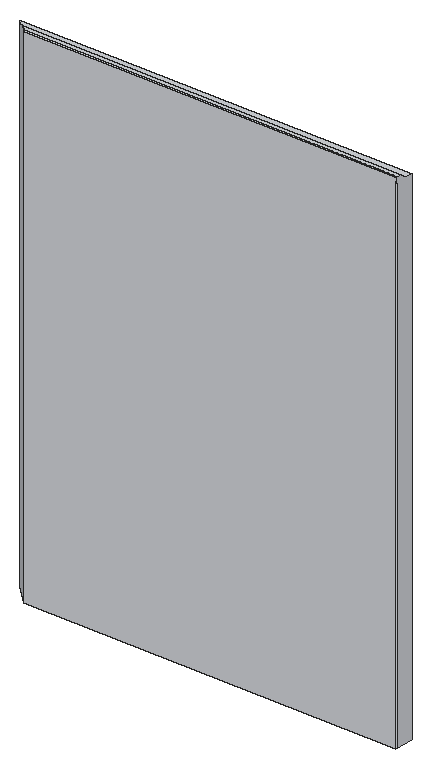
Revit family "GEN_A3-External-Facade-Bottom-Panel-W20", category Curtain Panels, Revit 2016
Family settings
  OmniClass Number = 23.25.20.14.11.11.17
  OmniClass Title = Infill Panels
  Always vertical = Yes
  Cut with Voids When Loaded = No
  Shared = No
Parameters (values of type "External Facade")
  Panel Thickness = 200 mm
  Panel 1 [instance] = Default Roof
  Fill [instance] = Poche
  Assembly Code = ""
Reference planes
  plane 1 "Center (Front/Back)": y = 0
  plane 2: z = 0
  plane 3 "Center (Left/Right)": x = 0
  plane 4 "Left": x = -2000
  plane 5 "Right": x = 2000
  plane 6 "Top": z = 5300
  plane 7 "face": y = 100
  plane 8: y = -100
  plane 9: z = 300
  plane 10: z = 3633.333
  plane 11: z = 1966.667
  plane 12: x = -2100
  plane 13: x = -2080
  plane 14 "1": y = 100
  plane 15 "2": y = 100
  plane 16 "3": y = 100
  plane 17 "4": y = 100
  plane 18 "5": y = 100
  plane 19 "6": y = 100
Forms (mm)
  Extrusion 1, void
    sketch origin (0, 0, 0) x (1, 0, 0) y (0, 1, 0)
      loop
        line (-2100, 100) -> (-2100, -100) -> (-1900, -100) -> (-2080, 80) -> (-2080, 100) -> (-2100, 100)
    from 0 to 5350
  Extrusion 2, void
    sketch origin (0, 0, 0) x (1, 0, 0) y (0, 1, 0)
      loop
        line (1990, -100) -> (2000, -100) -> (2000, -90) -> (1990, -100)
    from 0 to 5300
  Extrusion 3, solid
    sketch origin (0, 0, 0) x (0, 1, 0) y (0, 0, 1)
      loop
        line (15, 5300) -> (-45, 5350) -> (-90, 5350) -> (-100, 5340) -> (-100, 0) -> (100, 0) -> (100, 5300) -> (15, 5300)
    from -2100 to 2000
  Sweep 4, void
    path origin (0, 100, 0) x (-1, 0, 0) y (0, 0, 1)
      loop
        line (2080, 0) -> (-2000, 0) -> (-2000, 5300) -> (2080, 5300)
    profile "Resess Profile : Resess Profile" origin (-40, 100, 5300) x (0, 0, 1) y (0, 1, 0)
      loop
        line (0, -10) -> (10, 0) -> (-10, 0) -> (0, -10)
  Sweep 5, void
    path origin (0, 100, 0) x (-1, 0, 0) y (0, 0, 1)
      loop
        line (-2000, 3633.333) -> (2080, 3633.333)
    profile "Resess Profile : Resess Profile" origin (-40, 100, 3633.333) x (0, 0, 1) y (0, 1, 0)
      loop
        line (0, -10) -> (10, 0) -> (-10, 0) -> (0, -10)
  Sweep 6, void
    path origin (0, 100, -1666.667) x (-1, 0, 0) y (0, 0, 1)
      loop
        line (-2000, 3633.333) -> (2080, 3633.333)
    profile "Resess Profile : Resess Profile" origin (-40, 100, 1966.667) x (0, 0, 1) y (0, 1, 0)
      loop
        line (0, -10) -> (10, 0) -> (-10, 0) -> (0, -10)
  Sweep 7, void
    path origin (0, 100, -3333.333) x (-1, 0, 0) y (0, 0, 1)
      loop
        line (-2000, 3633.333) -> (2080, 3633.333)
    profile "Resess Profile : Resess Profile" origin (-40, 100, 300) x (0, 0, 1) y (0, 1, 0)
      loop
        line (0, -10) -> (10, 0) -> (-10, 0) -> (0, -10)
Cuts and joins
  Extrusion 1, Extrusion 2, Sweep 4, Sweep 5, Sweep 6, Sweep 7 cuts Extrusion 3
Text (mm)
  text "Exterior" at (-2351.972, 1416.179, 0), in view "Ref. Level"
  text "Exterior" at (0, 2290.741, 4406.713), in view "Left"
  text "Exterior" at (0, 1328.187, 4120.349), in view "Right"
Dimensions and locks
  equal spacing: plane 4 "Left", plane 3 "Center (Left/Right)", plane 5 "Right"
  locked: plane 1 "Center (Front/Back)" to plane 8 at 100
  "Panel Thickness": plane 7 "face" to plane 8
  plane 4 "Left" to plane 5 "Right" = 4000 mm
  plane 2 to plane 6 "Top" = 5300 mm
  plane 12 to plane 5 "Right" = 4100 mm
  locked: plane 2 to plane 9 at 300
  equal spacing: plane 9, plane 11, plane 10, plane 6 "Top"
  plane 4 "Left" to plane 3 "Center (Left/Right)" to plane 5 "Right" = 2000 mm, 2000 mm
  plane 12 to plane 13 to plane 4 "Left" = 20 mm locked, 80 mm locked
  plane 14 "1" to plane 8 = 200 mm
  plane 15 "2" to plane 8 = 200 mm
  plane 16 "3" to plane 8 = 200 mm
  plane 17 "4" to plane 8 = 200 mm
  plane 18 "5" to plane 8 = 200 mm
  plane 19 "6" to plane 8 = 200 mm
  locked: Extrusion 3 sketch curve to Extrusion 3 sketch curve at 50
  aligned and locked: level to plane 2
  aligned and locked: Extrusion 1 sketch curve to plane 7 "face"
  aligned and locked: Extrusion 1 sketch curve to plane 8
  aligned and locked: Extrusion 1 sketch curve to plane 12
  aligned and locked: Extrusion 1 sketch curve to plane 13
  aligned and locked: Extrusion 2 to plane 6 "Top"
  aligned and locked: Extrusion 3 to plane 5 "Right"
  aligned and locked: Extrusion 3 to plane 12
  aligned and locked: Extrusion 3 sketch curve to plane 14 "1"
  aligned and locked: Extrusion 3 sketch curve to level
  aligned and locked: plane 2 to Sweep 4 sketch curve
  aligned and locked: plane 5 "Right" to Sweep 4 sketch curve
  aligned and locked: plane 6 "Top" to Sweep 4 sketch curve
  aligned and locked: plane 13 to Sweep 4 sketch curve  (x2)
  aligned and locked: Sweep 5 sketch curve to plane 10
  aligned and locked: plane 5 "Right" to Sweep 5 sketch curve
  aligned and locked: plane 13 to Sweep 5 sketch curve
Automatic sketch dimensions
  Extrusion 1 sketch curve to plane 4 "Left" = 100 mm
  Extrusion 1 sketch curve to Extrusion 1 sketch curve = 20 mm
  Extrusion 2 sketch curve to plane 8 = 0 mm
  Extrusion 2 sketch curve to plane 5 "Right" = 0 mm
  plane 5 "Right" to Extrusion 2 sketch curve = 10 mm
  Extrusion 2 sketch curve to Extrusion 2 sketch curve = 10 mm
  Extrusion 3 sketch curve to plane 8 = 0 mm
  plane 6 "Top" to Extrusion 3 sketch curve = 0 mm
  plane 8 to Extrusion 3 sketch curve = 10 mm
  plane 1 "Center (Front/Back)" to Extrusion 3 sketch curve = 45 mm
  Extrusion 3 sketch curve to plane 1 "Center (Front/Back)" = 15 mm
  Extrusion 3 sketch curve to Extrusion 3 sketch curve = 10 mm
  plane 5 "Right" to Sweep 6 sketch curve = 0 mm
  Sweep 6 sketch curve to plane 11 = 0 mm
  Sweep 6 sketch curve to plane 13 = 0 mm
  plane 5 "Right" to Sweep 7 sketch curve = 0 mm
  Sweep 7 sketch curve to plane 9 = 0 mm
  Sweep 7 sketch curve to plane 13 = 0 mm
